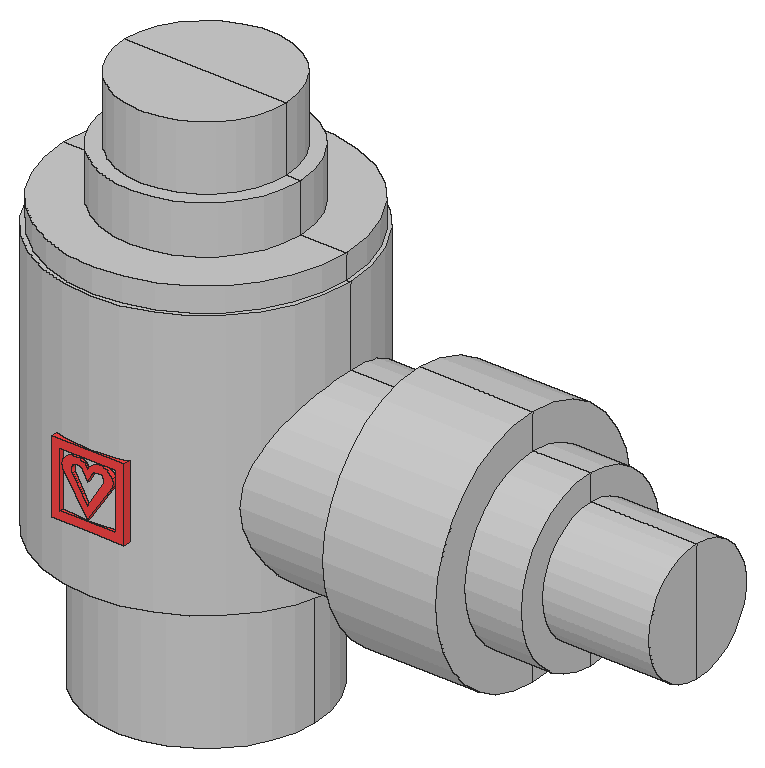
Revit family "RL-1-E Return Valve Angle Model 3724", category Rohrzubehör, Revit 2019
Family settings
  Bemaßung runder Anschluss = Durchmesser verwenden
  Teiletyp = Unterbricht
  OmniClass-Nummer = 23.65.55.14
  OmniClass-Titel = Valves for Liquid Services
  Arbeitsebenenbasiert = Nein
  Immer vertikal = Nein
  Beim Laden mit Abzugskörper schneiden = Nein
  Gemeinsam genutzt = Nein
Parameters
  W01 = 120.00°  # constant formula
  URL = "www.herzvalves.com"
  SCRNSEQ = "ARM;ARM_TYP=\"ALLF\";2"
  SCRNCODE = "05;01;02"  # constant formula
  S04 = 45.000 mm  # constant formula
  S03 [instance] = H02 - 5.000 mm + 41.000 mm  # 57.500 mm
  S02 [instance] = L04 + L03 - L02  # 26.800 mm
  S01 = 10.000 mm  # constant formula
  R04 = 10.000 mm  # constant formula
  R03 = 11.750 mm  # constant formula
  R02 = 17.500 mm  # constant formula
  Part number [instance] = size_lookup("3724_1E_", "Artnr", 0, Nennweite)  # 1372401
  Nennweite [instance] = 15.000 mm
  Model = "Standard models with nickel-plated threaded sockets."
  Medium = "Hot water purity according to ÖNORM H 5195 and/or VDI guideline 2035"
  Max. operating temperature = 110 °C  # constant formula
  Max. operating pressure = 1000000.0 Pa  # constant formula
  LO1 [instance] = R01 - 0.500 mm  # 17.500 mm
  L05 = 19.500 mm  # constant formula
  L04 [instance] = size_lookup("3724_1E_", "L4", 1.000 mm, Nennweite)  # 20.300 mm
  L03 [instance] = size_lookup("3724_1E_", "L3", 1.000 mm, Nennweite)  # 14.000 mm
  L02 [instance] = size_lookup("3724_1E_", "L2", 1.000 mm, Nennweite)  # 7.500 mm
  L01 [instance] = size_lookup("3724_1E_", "L1", 1.000 mm, Nennweite)  # 34.000 mm
  Hersteller = "HERZ Armaturen Ges.m.b.H."  # constant formula
  H06 = 14.000 mm  # constant formula
  H05 = 8.000 mm  # constant formula
  H04 = 17.000 mm  # constant formula
  H03 [instance] = H01 - D03  # 17.250 mm
  H02 [instance] = size_lookup("3724_1E_", "H2", 1.000 mm, Nennweite) - 5.000 mm  # 21.500 mm
  H01 [instance] = size_lookup("3724_1E_", "H1", 1.000 mm, Nennweite)  # 29.000 mm
  GT1 [instance] = size_lookup("3724_1E_", "GT1", 1.000 mm, Nennweite)  # 13.200 mm
  GT [instance] = size_lookup("3724_1E_", "GT", 1.000 mm, Nennweite)  # 12.300 mm
  G2 [instance] = Nennweite / 2  # 7.500 mm
  G1 [instance] = Nennweite / 2  # 7.500 mm
  R01 = 18.000 mm  # constant formula
  D05 [instance] = size_lookup("3724_1E_", "D5", 1.000 mm, Nennweite)  # 10.650 mm
  D04 [instance] = size_lookup("3724_1E_", "D4", 1.000 mm, Nennweite)  # 15.000 mm
  D03 [instance] = size_lookup("3724_1E_", "D3", 1.000 mm, Nennweite)  # 11.750 mm
  D02 [instance] = size_lookup("3724_1E_", "D2", 1.000 mm, Nennweite)  # 9.525 mm
  D01 [instance] = size_lookup("3724_1E_", "D1", 1.000 mm, Nennweite)  # 13.500 mm
  Body = "nickel-plated"  # constant formula
  Application = "Water Heating Systems\r\nInstallation of the return valve permits shutting off the return connection of the radiator.\r\nWhen the intake valve is shut at the same time, the radiator can be removed while the system is under pressure."
Reference planes
  plane 1 "Mitte (Vorne/hinten)": y = 0
  plane 2: z = 0
  plane 3 "Mitte (Links/rechts)": x = 0
Forms (mm)
  Revolve 1, solid, material "Messing, weicher Gelbton, geschweißt", detail levels fine
    sketch origin (0, 0, 0) x (1, 0, 0) y (0, 0, 1)
      loop
        line (0, 21.5) -> (-18, 21.5) -> (-18, -11.75) -> (-13.5, -11.75) -> (-13.5, -29) -> (-7.5, -29) -> (-7.5, -16.7) -> (0, -16.7) -> (0, 21.5)
      axis (0, 21.5) -> (0, -29)
    angle from 0 to 360
  Revolve 2, solid, material "Messing, weicher Gelbton, geschweißt", detail levels fine
    sketch origin (0, 0, 0) x (1, 0, 0) y (0, 0, 1)
      loop
        line (34, 0) -> (34, 9.525) -> (26.5, 9.525) -> (26.5, 11.75) -> (0, 11.75) -> (0, 0) -> (34, 0)
      axis (0, 0) -> (34, 0)
    angle from 0 to 360
  Revolve 3, solid, material "Messing, weicher Gelbton, geschweißt", detail levels fine
    sketch origin (-1, 0, 0) x (1, 0, 0) y (0, 0, 1)
      loop
        line (35, 0) -> (61.8, 0) -> (61.8, 7.5) -> (48.6, 7.5) -> (48.6, 10.65) -> (41.5, 10.65) -> (41.5, 15) -> (27.5, 15) -> (27.5, 9.525) -> (35, 9.525) -> (35, 0)
      axis (27.5, 0) -> (61.8, 0)
    angle from 0 to 360
  Revolve 4, solid, material "Messing, weicher Gelbton, geschweißt", detail levels fine
    sketch origin (0, 0, 0) x (1, 0, 0) y (0, 0, 1)
      loop
        line (0, 21.5) -> (0, 38.5) -> (-10, 38.5) -> (-10, 30.5) -> (-11.75, 30.5) -> (-11.75, 24.5) -> (-17.5, 24.5) -> (-17.5, 21.5) -> (0, 21.5)
      axis (0, 38.5) -> (0, 21.5)
    angle from 0 to 360
Lines and regions (mm)
  model lines, detail levels coarse+medium
    curve 1: line (0, 0, 0) -> (13.5, 0, -29)
    curve 2: line (13.5, 0, -29) -> (-13.5, 0, -29)
    curve 3: line (-13.5, 0, -29) -> (0, 0, 0)
    curve 4: line (0, 0, 0) -> (34, 0, 15)
    curve 5: line (34, 0, 15) -> (34, 0, -15)
    curve 6: line (34, 0, -15) -> (0, 0, 0)
    curve 7: line (34, 0, 15) -> (44, 0, 15)
    curve 8: line (44, 0, 15) -> (34, 0, 0)
    curve 9: line (34, 0, -15) -> (44, 0, -15)
    curve 10: line (44, 0, -15) -> (34, 0, 0)
    curve 11: line (34, 0, 0) -> (60.8, 0, 0)
    curve 12: line (0, 0, 0) -> (13.5, -29, 0)
    curve 13: line (13.5, -29, 0) -> (-13.5, -29, 0)
    curve 14: line (-13.5, -29, 0) -> (0, 0, 0)
    curve 15: line (0, 0, 0) -> (34, 15, 0)
    curve 16: line (34, 15, 0) -> (34, -15, 0)
    curve 17: line (34, -15, 0) -> (0, 0, 0)
    curve 18: line (34, 15, 0) -> (44, 15, 0)
    curve 19: line (44, 15, 0) -> (34, 0, 0)
    curve 20: line (34, -15, 0) -> (44, -15, 0)
    curve 21: line (34, 0, 0) -> (44, -15, 0)
Dimensions and locks
  "H02": Revolve 1 sketch curve to plane 2
  "H01": plane 2 to Revolve 1 sketch curve
  "R01": Revolve 1 sketch curve to Revolve 1 sketch curve
  "G1": Revolve 1 sketch curve to Revolve 1 sketch curve
  "D01": Revolve 1 sketch curve to Revolve 1 sketch curve
  "GT": Revolve 1 sketch curve to Revolve 1 sketch curve
  "H03": Revolve 1 sketch curve to Revolve 1 sketch curve
  "L02": Revolve 2 sketch curve to Revolve 2 sketch curve
  "LO1": nested 1 to plane 1 "Mitte (Vorne/hinten)"
  "L02": Revolve 3 sketch curve to Revolve 3 sketch curve
  "L03": Revolve 3 sketch curve to Revolve 3 sketch curve
  "L04": Revolve 3 sketch curve to Revolve 3 sketch curve
  "D04": Revolve 3 sketch curve to Revolve 3 sketch curve
  "G2": Revolve 3 sketch curve to Revolve 3 sketch curve
  "D05": Revolve 3 sketch curve to Revolve 3 sketch curve
  "GT1": Revolve 3 sketch curve to Revolve 3 sketch curve
  "L01": plane 3 "Mitte (Links/rechts)" to Revolve 3 sketch curve
  "D02": Revolve 3 sketch curve to plane 2
  "H01": plane 2 to curve 2
  "L01": curve 5 to plane 3 "Mitte (Links/rechts)"
  "D01": curve 2 to plane 3 "Mitte (Links/rechts)" to curve 3
  "D04": curve 5 to plane 2 to curve 6
  "S01": curve 5 to curve 8
  "S01": curve 5 to curve 10
  "S02": curve 11 to curve 11
  "H01": curve 13 to plane 1 "Mitte (Vorne/hinten)"
  "D01": curve 14 to plane 3 "Mitte (Links/rechts)" to curve 13
  "L01": plane 3 "Mitte (Links/rechts)" to curve 16
  "D04": curve 17 to plane 1 "Mitte (Vorne/hinten)" to curve 16
  "S01": curve 16 to curve 19
  "S01": curve 16 to curve 21
  "L01": Revolve 2 sketch curve to plane 3 "Mitte (Links/rechts)"
  "D03": Revolve 2 sketch curve to plane 2
  "D02": Revolve 2 sketch curve to plane 2
  "H02": Revolve 4 sketch curve to plane 2
  "H04": Revolve 4 sketch curve to Revolve 4 sketch curve
  "H05": Revolve 4 sketch curve to Revolve 4 sketch curve
  "H06": Revolve 4 sketch curve to Revolve 4 sketch curve
  "R04": Revolve 4 sketch curve to Revolve 4 sketch curve
  "R03": Revolve 4 sketch curve to Revolve 4 sketch curve
  "R02": Revolve 4 sketch curve to Revolve 4 sketch curve
  aligned and locked: level to plane 2
Automatic sketch dimensions
  curve 4 to level = 0.000 mm
  curve 4 to plane 3 "Mitte (Links/rechts)" = 0.000 mm
  curve 11 to level = 0.000 mm
  curve 8 to level = 0.000 mm
  plane 1 "Mitte (Vorne/hinten)" to curve 14 = 0.000 mm
  curve 14 to plane 3 "Mitte (Links/rechts)" = 0.000 mm
  plane 1 "Mitte (Vorne/hinten)" to curve 19 = 0.000 mm
  Revolve 1 sketch curve to plane 3 "Mitte (Links/rechts)" = 0.000 mm  (x2)
  Revolve 1 sketch curve to Revolve 1 sketch curve = 345.545 mm
  Revolve 1 sketch curve to Revolve 1 sketch curve = 2189.815 mm
  Revolve 2 sketch curve to level = 0.000 mm  (x2)
  Revolve 2 sketch curve to plane 3 "Mitte (Links/rechts)" = 0.000 mm
  Revolve 2 sketch curve to plane 3 "Mitte (Links/rechts)" = 1506.530 mm
  Revolve 2 sketch curve to Revolve 2 sketch curve = 1815.148 mm
  Revolve 3 sketch curve to level = 0.000 mm  (x2)
  Revolve 3 sketch curve to plane 3 "Mitte (Links/rechts)" = 1507.530 mm
  Revolve 3 sketch curve to Revolve 3 sketch curve = 1789.648 mm
  Revolve 4 sketch curve to plane 3 "Mitte (Links/rechts)" = 0.000 mm  (x2)
  Revolve 4 sketch curve to level = 366.045 mm
  Revolve 4 sketch curve to Revolve 4 sketch curve = 2164.815 mm
Nested families
  nested 1: "Herz-Logo-vorne" at (0, -17.5, 0) x (0, -1, 0) z (0, 0, 1), type "Herz-Logo-vorne", detail levels fine
Connectors
  piping at (0, 0, -16.7), diameter 15, driven by "Nennweite"
    settings: on Revolve 1, index 1, connector inside diameter 609.6 mm, connector length 0.000 mm, flow factor 0, pipe flow 0.0 L/s, pressure drop 0.0 Pa, fitting loss kfactor 0, connector angle 0.00°, fixture units 0, engagement length 0.000 mm, angle of deflection 0.00°, flow configuration 0, flow direction 1, fitting loss method 0, system type 8, joint type 0, gender type 0, connector reference index -1, connector utility 0, adjustable connector no, is connector primary yes, connector description ""
  piping at (60.8, 0, 0), diameter 15, driven by "Nennweite"
    settings: on Revolve 3, index 2, connector inside diameter 609.6 mm, connector length 0.000 mm, flow factor 0, pipe flow 0.0 L/s, pressure drop 0.0 Pa, fitting loss kfactor 0, connector angle 0.00°, fixture units 0, engagement length 0.000 mm, angle of deflection 0.00°, flow configuration 0, flow direction 2, fitting loss method 0, system type 8, joint type 0, gender type 0, connector reference index -1, connector utility 0, adjustable connector no, is connector primary no, connector description ""
Definition of nested family "Herz-Logo-vorne"
  Reference planes
    plane 1 "Mitte (Vorne/hinten)": y = 0
    plane 2: z = 0
    plane 3 "Mitte (Links/rechts)": x = 0
  Forms (mm)
    Extrusion 1, solid
      sketch origin (0.732, -0.018, 0.017) x (0, -1, 0) y (0, 0, 1)
        loop
          line (-0.018, -4.517) -> (4.482, -4.517) -> (4.482, 4.483) -> (-4.518, 4.483) -> (-4.518, -4.517) -> (-0.018, -4.517)
        loop
          line (-0.05, -3.48) -> (3.482, -3.48) -> (3.482, 3.483) -> (-3.518, 3.483) -> (-3.518, -3.48) -> (-0.05, -3.48)
        loop
          arc (-0.018, 2.383) -> (-1.543, 3.287) -> (-3.067, 2.383) r 1.738
          arc (-3.067, 2.383) -> (-3.191, 1.899) -> (-3.067, 1.415) r 1.009
          line (-3.067, 1.415) -> (-0.018, -3.281) -> (3.032, 1.415)
          arc (3.032, 1.415) -> (3.156, 1.899) -> (3.032, 2.383) r 1.009
          arc (3.032, 2.383) -> (1.507, 3.287) -> (-0.018, 2.383) r 1.738
        loop
          arc (1.885, 1.272) -> (2.005, 1.675) -> (1.885, 2.079) r 0.74
          arc (1.885, 2.079) -> (1.265, 2.416) -> (0.644, 2.079) r 0.74
          line (0.644, 2.079) -> (-0.018, 0.97) -> (-0.679, 2.079)
          arc (-0.679, 2.079) -> (-1.3, 2.416) -> (-1.921, 2.079) r 0.74
          arc (-1.921, 2.079) -> (-2.04, 1.675) -> (-1.921, 1.272) r 0.74
          line (-1.921, 1.272) -> (-0.018, -1.658) -> (1.885, 1.272)
      from 0 to 1.5
  Dimensions and locks
    aligned and locked: level to plane 2
